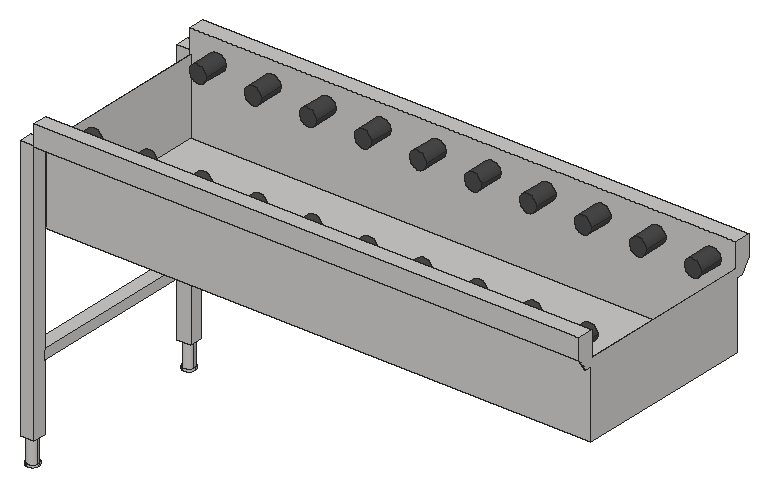
Revit family "QF_ELECTROLUXPROFESSIONAL_865212_HSSRDB16", category Specialty Equipment, Revit 2018
Family settings
  Round Connector Dimension = Use Diameter
  Part Type = Normal
  Work Plane-Based = No
  Always vertical = Yes
  Cut with Voids When Loaded = No
  Shared = No
  Room Calculation Point = No
Parameters
  Weight = 0.00 kg
  Watts = 0 W
  Volts = 0 V
  URL Manufacturer = "http://professional.electrolux.com/"
  URL = "http://professional.electrolux.com/"
  Steam Supply Size = 0 mm
  Steam Supply Minimum Pressure = 0.0 Pa
  Steam Supply Maximum Pressure = 0.0 Pa
  Steam Pounds per Hour = 0
  Refrigeration Suction Line Size = 0 mm
  Refrigeration Liquid Line Size = 0 mm
  Refrigerant Compressor Remote = yes
  Manufacturer = "Electrolux"
  Phase = 0
  Model = "HSSRDB16"
  Length Actual = 1600 mm  # constant formula
  Item Number = "865212"
  Hot Water Size = 0 mm
  Height Actual = 910 mm  # constant formula
  HP = "0 HP"
  Gas Size = 0 mm
  Gas KW = 0
  Gas Input Pressure = 0 W
  Description = "SHORT ROLLER CONVEYOR WITH DEEP BASIN, L=1600MM"
  Depth Actual = 620 mm  # constant formula
  Cycle = 0 Hz
  Condensate Return Size = 0 mm
  Compressed Air Volume = 0.0 L/s
  Compressed Air Size = 0 mm
  Compressed Air Pressure = 0.0 Pa
  Cold Water Size = 0 mm
  Accessory = yes
Reference planes
  plane 1 "Centro (Fronte/Retro)": y = 74.737
  plane 2: z = 0
  plane 3 "LEFT": x = -1038.761
  plane 4 "BACK": y = 384.737
  plane 5 "FRONT": y = -235.263
  plane 6: z = 910
  plane 7 "RIGHT": x = 561.239
Forms (mm)
  Extrusion 1, solid, material "QF_Finishes_Stainless Steel"
    sketch origin (0, 74.737, 0) x (1, 0, 0) y (0, 0, 1)
      loop
        line (-1079.929, 300) -> (-1079.929, 270) -> (-1039.929, 270) -> (-1039.929, 300) -> (-1079.929, 300)
    from -266.504 to 266.46
  Extrusion 2, solid, material "QF_Finishes_Stainless Steel"
    sketch origin (11.239, 0, 0) x (0, 1, 0) y (0, 0, 1)
      loop
        line (-235.263, 910) -> (-235.263, 850.033) -> (-190.242, 850.033) -> (-190.242, 910) -> (-235.263, 910)
      loop
        line (384.737, 910) -> (339.716, 910) -> (339.716, 850.033) -> (384.737, 850.033) -> (384.737, 910)
    from -1048.8 to 548.8
  Extrusion 3, solid, material "QF_Finishes_Stainless Steel"
    sketch origin (11.239, 0, 0) x (0, 1, 0) y (0, 0, 1)
      loop
        line (-191.727, 850.033) -> (-191.727, 618.033) -> (341.245, 618.033) -> (341.245, 850.033) -> (339.716, 850.033) -> (339.716, 621.033) -> (-190.242, 621.033) -> (-190.242, 850.033) -> (-191.727, 850.033)
    from -1048.8 to 548.8
  Extrusion 4, solid, material "QF_Finishes_Black"
    sketch origin (0, 74.737, 0) x (1, 0, 0) y (0, 0, 1)
      loop
        circle (-956.239, 850.115) r 25
      loop
        circle (-794.953, 850.115) r 25
      loop
        circle (-633.72, 850.115) r 25
      loop
        circle (-472.487, 850.115) r 25
      loop
        circle (-311.201, 850.115) r 25
      loop
        circle (-149.968, 850.115) r 25
      loop
        circle (11.239, 850.115) r 25
      loop
        circle (172.498, 850.115) r 25
      loop
        circle (333.732, 850.115) r 25
      loop
        circle (495.018, 850.115) r 25
    from 190.58 to 260.534
  Extrusion 5, solid, material "QF_Finishes_Black"
    sketch origin (0, 74.737, 0) x (1, 0, 0) y (0, 0, -1)
      loop
        circle (-956.239, -850.115) r 25
      loop
        circle (-794.953, -850.115) r 25
      loop
        circle (-633.72, -850.115) r 25
      loop
        circle (-472.487, -850.115) r 25
      loop
        circle (-311.201, -850.115) r 25
      loop
        circle (-149.968, -850.115) r 25
      loop
        circle (11.239, -850.115) r 25
      loop
        circle (172.498, -850.115) r 25
      loop
        circle (333.732, -850.115) r 25
      loop
        circle (495.018, -850.115) r 25
    from 190.58 to 260.534
  Extrusion 6, solid, material "QF_Finishes_Stainless Steel"
    sketch origin (1061.239, 723.253, 4000) x (0, 1, 0) y (0, 0, 1)
      loop
        line (-958.516, -3090) -> (-958.516, -3149.967) -> (-934.752, -3185.632) -> (-914.981, -3185.632) -> (-914.981, -3381.967) -> (-382.009, -3381.967) -> (-382.009, -3185.632) -> (-362.281, -3185.632) -> (-338.516, -3149.967) -> (-338.516, -3090) -> (-383.538, -3090) -> (-383.538, -3161.926) -> (-913.495, -3161.926) -> (-913.495, -3090) -> (-958.516, -3090)
    from -500 to -501.2
  Revolve 7, solid, material "QF_Finishes_Stainless Steel"
    sketch origin (-238.761, 0, 0) x (0, 1, 0) y (0, 0, 1)
      loop
        line (74.737, 618.033) -> (-1.756, 618.033) -> (-1.756, 601.823) -> (0.354, 601.823)
        arc (0.354, 601.823) -> (3.64, 597.973) -> (0.351, 594.125) r 3.897
        line (0.351, 594.125) -> (-1.756, 594.125) -> (-1.756, 551.31)
        arc (-1.756, 551.31) -> (8.91, 520.632) -> (36.296, 503.17) r 49.497
        line (36.296, 503.17) -> (36.296, 500.684) -> (37.487, 497.398) -> (51.25, 491.407) -> (51.25, 455.535) -> (52.727, 454.059) -> (74.737, 454.059) -> (74.737, 618.033)
      axis (74.737, 454.059) -> (74.737, 618.033)
    angle from 0 to 360
  Extrusion 8, solid, material "QF_Finishes_Stainless Steel"
    sketch origin (-537.561, 723.253, 4000) x (0, 1, 0) y (0, 0, 1)
      loop
        line (-958.516, -3090) -> (-958.516, -3149.967) -> (-914.981, -3149.967) -> (-914.981, -3381.967) -> (-382.009, -3381.967) -> (-382.009, -3149.967) -> (-338.516, -3149.967) -> (-338.516, -3090) -> (-383.538, -3090) -> (-383.538, -3161.926) -> (-913.495, -3161.926) -> (-913.495, -3090) -> (-958.516, -3090)
    from -500 to -501.2
Cuts and joins
  joined: Extrusion 2, Extrusion 3, Extrusion 6, Revolve 7, Extrusion 8
Lines and regions (mm)
  Split face 1
    outline origin (808.239, 339.716, 621.033) x (-1, 0, 0) y (0, -1, 0)
      loop
        circle (1047, 264.904) r 3.016
  Split face 2
    outline origin (808.239, 339.716, 621.033) x (-1, 0, 0) y (0, -1, 0)
      loop
        circle (1047, 264.904) r 52.991
  Split face 3
    outline origin (808.239, 339.716, 621.033) x (-1, 0, 0) y (0, -1, 0)
      loop
        circle (1047, 264.904) r 36.015
  Split face 4
    outline origin (808.239, 339.716, 621.033) x (-1, 0, 0) y (0, -1, 0)
      loop
        circle (1047, 264.904) r 26.027
  Split face 5
    outline origin (808.239, 339.716, 621.033) x (-1, 0, 0) y (0, -1, 0)
      loop
        circle (1047, 264.904) r 9.056
  Masking region 1
    outline origin (0, 0, 0) x (1, 0, 0) y (0, 1, 0)
      loop
        line (-1038.761, 384.737) -> (-1038.761, -235.263) -> (561.239, -235.263) -> (561.239, 384.737) -> (-1038.761, 384.737)
  symbolic lines
    curve 1: line (561.239, 384.737, 0) -> (-1038.761, 384.737, 0)
    curve 2: line (-1038.761, 384.737, 0) -> (-1038.761, -235.263, 0)
    curve 3: line (-1038.761, 339.716, 0) -> (561.239, 339.716, 0)
    curve 4: line (-1038.761, -235.263, 0) -> (561.239, -235.263, 0)
    curve 5: line (561.239, -235.263, 0) -> (561.239, 384.737, 0)
    curve 6: line (561.239, -190.242, 0) -> (-1038.761, -190.242, 0)
    curve 7: line (-931.239, 335.271, 0) -> (-981.239, 335.271, 0)
    curve 8: line (-981.239, 335.271, 0) -> (-981.239, 265.317, 0)
    curve 9: line (-981.239, 265.317, 0) -> (-931.239, 265.317, 0)
    curve 10: line (-931.239, 265.317, 0) -> (-931.239, 335.271, 0)
    curve 11: line (-769.953, 335.271, 0) -> (-819.953, 335.271, 0)
    curve 12: line (-819.953, 335.271, 0) -> (-819.953, 265.317, 0)
    curve 13: line (-819.953, 265.317, 0) -> (-769.953, 265.317, 0)
    curve 14: line (-769.953, 265.317, 0) -> (-769.953, 335.271, 0)
    curve 15: line (-608.72, 335.271, 0) -> (-658.72, 335.271, 0)
    curve 16: line (-658.72, 335.271, 0) -> (-658.72, 265.317, 0)
    curve 17: line (-658.72, 265.317, 0) -> (-608.72, 265.317, 0)
    curve 18: line (-608.72, 265.317, 0) -> (-608.72, 335.271, 0)
    curve 19: line (-447.487, 335.271, 0) -> (-497.487, 335.271, 0)
    curve 20: line (-497.487, 335.271, 0) -> (-497.487, 265.317, 0)
    curve 21: line (-497.487, 265.317, 0) -> (-447.487, 265.317, 0)
    curve 22: line (-447.487, 265.317, 0) -> (-447.487, 335.271, 0)
    curve 23: line (-286.201, 335.271, 0) -> (-336.201, 335.271, 0)
    curve 24: line (-336.201, 335.271, 0) -> (-336.201, 265.317, 0)
    curve 25: line (-336.201, 265.317, 0) -> (-286.201, 265.317, 0)
    curve 26: line (-286.201, 265.317, 0) -> (-286.201, 335.271, 0)
    curve 27: line (-174.968, 335.271, 0) -> (-124.968, 335.271, 0)
    curve 28: line (-124.968, 335.271, 0) -> (-124.968, 265.317, 0)
    curve 29: line (-124.968, 265.317, 0) -> (-174.968, 265.317, 0)
    curve 30: line (-174.968, 265.317, 0) -> (-174.968, 335.271, 0)
    curve 31: line (36.239, 335.271, 0) -> (-13.761, 335.271, 0)
    curve 32: line (-13.761, 335.271, 0) -> (-13.761, 265.317, 0)
    curve 33: line (-13.761, 265.317, 0) -> (36.239, 265.317, 0)
    curve 34: line (36.239, 265.317, 0) -> (36.239, 335.271, 0)
    curve 35: line (-931.239, -115.842, 0) -> (-981.239, -115.842, 0)
    curve 36: line (-981.239, -115.842, 0) -> (-981.239, -185.797, 0)
    curve 37: line (-981.239, -185.797, 0) -> (-931.239, -185.797, 0)
    curve 38: line (-931.239, -185.797, 0) -> (-931.239, -115.842, 0)
    curve 39: line (-819.953, -115.842, 0) -> (-769.953, -115.842, 0)
    curve 40: line (-769.953, -115.842, 0) -> (-769.953, -185.797, 0)
    curve 41: line (-769.953, -185.797, 0) -> (-819.953, -185.797, 0)
    curve 42: line (-819.953, -185.797, 0) -> (-819.953, -115.842, 0)
    curve 43: line (-608.72, -115.842, 0) -> (-658.72, -115.842, 0)
    curve 44: line (-658.72, -115.842, 0) -> (-658.72, -185.797, 0)
    curve 45: line (-658.72, -185.797, 0) -> (-608.72, -185.797, 0)
    curve 46: line (-608.72, -185.797, 0) -> (-608.72, -115.842, 0)
    curve 47: line (-447.487, -115.842, 0) -> (-497.487, -115.842, 0)
    curve 48: line (-497.487, -115.842, 0) -> (-497.487, -185.797, 0)
    curve 49: line (-497.487, -185.797, 0) -> (-447.487, -185.797, 0)
    curve 50: line (-447.487, -185.797, 0) -> (-447.487, -115.842, 0)
    curve 51: line (-286.201, -115.842, 0) -> (-336.201, -115.842, 0)
    curve 52: line (-336.201, -115.842, 0) -> (-336.201, -185.797, 0)
    curve 53: line (-336.201, -185.797, 0) -> (-286.201, -185.797, 0)
    curve 54: line (-286.201, -185.797, 0) -> (-286.201, -115.842, 0)
    curve 55: line (-124.968, -115.842, 0) -> (-174.968, -115.842, 0)
    curve 56: line (-174.968, -115.842, 0) -> (-174.968, -185.797, 0)
    curve 57: line (-174.968, -185.797, 0) -> (-124.968, -185.797, 0)
    curve 58: line (-124.968, -185.797, 0) -> (-124.968, -115.842, 0)
    curve 59: line (36.239, -115.842, 0) -> (-13.761, -115.842, 0)
    curve 60: line (-13.761, -115.842, 0) -> (-13.761, -185.797, 0)
    curve 61: line (-13.761, -185.797, 0) -> (36.239, -185.797, 0)
    curve 62: line (36.239, -185.797, 0) -> (36.239, -115.842, 0)
    curve 63: line (197.498, -115.842, 0) -> (147.498, -115.842, 0)
    curve 64: line (147.498, -115.842, 0) -> (147.498, -185.797, 0)
    curve 65: line (147.498, -185.797, 0) -> (197.498, -185.797, 0)
    curve 66: line (197.498, -185.797, 0) -> (197.498, -115.842, 0)
    curve 67: line (358.732, -115.842, 0) -> (308.732, -115.842, 0)
    curve 68: line (308.732, -115.842, 0) -> (308.732, -185.797, 0)
    curve 69: line (308.732, -185.797, 0) -> (358.732, -185.797, 0)
    curve 70: line (358.732, -185.797, 0) -> (358.732, -115.842, 0)
    curve 71: line (520.018, -115.842, 0) -> (470.018, -115.842, 0)
    curve 72: line (470.018, -115.842, 0) -> (470.018, -185.797, 0)
    curve 73: line (470.018, -185.797, 0) -> (520.018, -185.797, 0)
    curve 74: line (520.018, -185.797, 0) -> (520.018, -115.842, 0)
    curve 75: line (147.498, 265.317, 0) -> (197.498, 265.317, 0)
    curve 76: line (197.498, 265.317, 0) -> (197.498, 335.271, 0)
    curve 77: line (197.498, 335.271, 0) -> (147.498, 335.271, 0)
    curve 78: line (147.498, 335.271, 0) -> (147.498, 265.317, 0)
    curve 79: line (358.732, 265.317, 0) -> (308.732, 265.317, 0)
    curve 80: line (308.732, 265.317, 0) -> (308.732, 335.271, 0)
    curve 81: line (308.732, 335.271, 0) -> (358.732, 335.271, 0)
    curve 82: line (358.732, 335.271, 0) -> (358.732, 265.317, 0)
    curve 83: line (470.018, 265.317, 0) -> (520.018, 265.317, 0)
    curve 84: line (520.018, 265.317, 0) -> (520.018, 335.271, 0)
    curve 85: line (520.018, 335.271, 0) -> (470.018, 335.271, 0)
    curve 86: line (470.018, 335.271, 0) -> (470.018, 265.317, 0)
    curve 87: line (561.239, 74.737, 0) -> (531.239, 74.737, 0)
    curve 88: arc (-238.761, -1.756, 0) -> (-315.254, 74.737, 0) -> (-238.761, 151.231, 0) r 76.494
    curve 89: arc (-238.761, 151.231, 0) -> (-162.267, 74.737, 0) -> (-238.761, -1.756, 0) r 76.494
    curve 90: arc (-238.761, 96.747, 0) -> (-260.771, 74.737, 0) -> (-238.761, 52.727, 0) r 22.01
    curve 91: arc (-238.761, 52.727, 0) -> (-216.751, 74.737, 0) -> (-238.761, 96.747, 0) r 22.01
Dimensions and locks
  plane 3 "LEFT" to plane 7 "RIGHT" = 1600 mm
  equal spacing: plane 4 "BACK", plane 1 "Centro (Fronte/Retro)", plane 5 "FRONT"
  plane 4 "BACK" to plane 5 "FRONT" = 620 mm
  aligned and locked: level to plane 2
Automatic sketch dimensions
  Extrusion 1 sketch curve to plane 3 "LEFT" = 41.168 mm
  Extrusion 1 sketch curve to plane 3 "LEFT" = 1.168 mm
  level to Extrusion 1 sketch curve = 270 mm
  Extrusion 1 sketch curve to Extrusion 1 sketch curve = 30 mm
  Extrusion 2 sketch curve to plane 5 "FRONT" = 0 mm
  Extrusion 2 sketch curve to plane 6 = 0 mm  (x2)
  Extrusion 2 sketch curve to plane 4 "BACK" = 0 mm
  plane 5 "FRONT" to Extrusion 2 sketch curve = 45.021 mm
  Extrusion 2 sketch curve to plane 4 "BACK" = 45.021 mm
  Extrusion 2 sketch curve to Extrusion 2 sketch curve = 59.967 mm  (x2)
  plane 5 "FRONT" to Extrusion 3 sketch curve = 43.536 mm
  Extrusion 3 sketch curve to Extrusion 3 sketch curve = 1.486 mm
  Extrusion 3 sketch curve to plane 4 "BACK" = 45.021 mm
  Extrusion 3 sketch curve to Extrusion 3 sketch curve = 1.529 mm
  Extrusion 3 sketch curve to plane 6 = 291.967 mm
  Extrusion 3 sketch curve to Extrusion 3 sketch curve = 3 mm
  Extrusion 3 sketch curve to plane 6 = 59.967 mm  (x2)
  plane 3 "LEFT" to Extrusion 4 sketch curve = 82.521 mm
  Extrusion 4 sketch curve to plane 6 = 59.885 mm  (x10)
  Extrusion 4 sketch curve to Extrusion 4 sketch curve = 161.286 mm  (x2)
  Extrusion 4 sketch curve to Extrusion 4 sketch curve = 161.233 mm  (x4)
  Extrusion 4 sketch curve to Extrusion 4 sketch curve = 161.207 mm
  Extrusion 4 sketch curve to Extrusion 4 sketch curve = 161.259 mm
  Extrusion 4 sketch curve to plane 7 "RIGHT" = 66.221 mm
  plane 3 "LEFT" to Extrusion 5 sketch curve = 82.521 mm
  Extrusion 5 sketch curve to plane 6 = 59.885 mm  (x10)
  Extrusion 5 sketch curve to Extrusion 5 sketch curve = 161.286 mm  (x2)
  Extrusion 5 sketch curve to Extrusion 5 sketch curve = 161.233 mm  (x4)
  Extrusion 5 sketch curve to Extrusion 5 sketch curve = 161.207 mm
  Extrusion 5 sketch curve to Extrusion 5 sketch curve = 161.259 mm
  Extrusion 5 sketch curve to plane 7 "RIGHT" = 66.221 mm
  Extrusion 6 sketch curve to plane 5 "FRONT" = 0 mm
  Extrusion 6 sketch curve to plane 6 = 0 mm  (x2)
  Extrusion 6 sketch curve to plane 4 "BACK" = 0 mm
  plane 5 "FRONT" to Extrusion 6 sketch curve = 23.764 mm
  plane 5 "FRONT" to Extrusion 6 sketch curve = 43.536 mm
  plane 5 "FRONT" to Extrusion 6 sketch curve = 45.021 mm
  Extrusion 6 sketch curve to plane 4 "BACK" = 45.021 mm
  Extrusion 6 sketch curve to plane 4 "BACK" = 43.492 mm
  Extrusion 6 sketch curve to Extrusion 6 sketch curve = 19.728 mm
  Extrusion 6 sketch curve to Extrusion 6 sketch curve = 59.967 mm  (x2)
  Extrusion 6 sketch curve to Extrusion 6 sketch curve = 11.959 mm
  Extrusion 6 sketch curve to Extrusion 6 sketch curve = 23.706 mm  (x2)
  Extrusion 6 sketch curve to Extrusion 6 sketch curve = 196.335 mm
  Revolve 7 sketch curve to plane 1 "Centro (Fronte/Retro)" = 0 mm  (x2)
  plane 1 "Centro (Fronte/Retro)" to Revolve 7 sketch curve = 22.01 mm
  plane 1 "Centro (Fronte/Retro)" to Revolve 7 sketch curve = 23.487 mm
  plane 1 "Centro (Fronte/Retro)" to Revolve 7 sketch curve = 26.996 mm
  Revolve 7 sketch curve to Revolve 7 sketch curve = 13.764 mm
  Revolve 7 sketch curve to Revolve 7 sketch curve = 1.191 mm
  Revolve 7 sketch curve to Revolve 7 sketch curve = 47.387 mm
  Revolve 7 sketch curve to Revolve 7 sketch curve = 0.003 mm
  Revolve 7 sketch curve to Revolve 7 sketch curve = 0.61 mm
  Revolve 7 sketch curve to Revolve 7 sketch curve = 2.107 mm
  Revolve 7 sketch curve to Revolve 7 sketch curve = 2.11 mm
  level to Revolve 7 sketch curve = 454.059 mm
  Revolve 7 sketch curve to Revolve 7 sketch curve = 1.476 mm
  Revolve 7 sketch curve to Revolve 7 sketch curve = 35.872 mm
  Revolve 7 sketch curve to Revolve 7 sketch curve = 5.991 mm
  Revolve 7 sketch curve to Revolve 7 sketch curve = 3.286 mm
  Revolve 7 sketch curve to Revolve 7 sketch curve = 2.486 mm
  Revolve 7 sketch curve to Revolve 7 sketch curve = 48.139 mm
  Revolve 7 sketch curve to Revolve 7 sketch curve = 42.815 mm
  Revolve 7 sketch curve to Revolve 7 sketch curve = 3.849 mm
  Revolve 7 sketch curve to Revolve 7 sketch curve = 66.706 mm
  Revolve 7 sketch curve to Revolve 7 sketch curve = 3 mm
  Revolve 7 sketch curve to Revolve 7 sketch curve = 14.991 mm
  cut or joined group of Extrusion 2, Extrusion 3, Extrusion 6, Revolve 7, Extrusion 8 to Split face 1 sketch curve = 264.904 mm
  cut or joined group of Extrusion 2, Extrusion 3, Extrusion 6, Revolve 7, Extrusion 8 to Split face 1 sketch curve = 798.8 mm
  cut or joined group of Extrusion 2, Extrusion 3, Extrusion 6, Revolve 7, Extrusion 8 to Split face 2 sketch curve = 264.904 mm
  cut or joined group of Extrusion 2, Extrusion 3, Extrusion 6, Revolve 7, Extrusion 8 to Split face 2 sketch curve = 798.8 mm
  cut or joined group of Extrusion 2, Extrusion 3, Extrusion 6, Revolve 7, Extrusion 8 to Split face 3 sketch curve = 264.904 mm
  cut or joined group of Extrusion 2, Extrusion 3, Extrusion 6, Revolve 7, Extrusion 8 to Split face 3 sketch curve = 798.8 mm
  cut or joined group of Extrusion 2, Extrusion 3, Extrusion 6, Revolve 7, Extrusion 8 to Split face 4 sketch curve = 264.904 mm
  cut or joined group of Extrusion 2, Extrusion 3, Extrusion 6, Revolve 7, Extrusion 8 to Split face 4 sketch curve = 798.8 mm
  cut or joined group of Extrusion 2, Extrusion 3, Extrusion 6, Revolve 7, Extrusion 8 to Split face 5 sketch curve = 264.904 mm
  cut or joined group of Extrusion 2, Extrusion 3, Extrusion 6, Revolve 7, Extrusion 8 to Split face 5 sketch curve = 798.8 mm
  Masking region 1 sketch curve to plane 3 "LEFT" = 0 mm
  Masking region 1 sketch curve to plane 5 "FRONT" = 0 mm
  Masking region 1 sketch curve to plane 7 "RIGHT" = 0 mm
  Masking region 1 sketch curve to plane 4 "BACK" = 0 mm
  Extrusion 8 sketch curve to plane 6 = 0 mm  (x2)
  Extrusion 8 sketch curve to plane 4 "BACK" = 0 mm
  plane 5 "FRONT" to Extrusion 8 sketch curve = 43.536 mm
  Extrusion 8 sketch curve to plane 4 "BACK" = 43.492 mm
  Extrusion 8 sketch curve to Extrusion 8 sketch curve = 59.967 mm
  Extrusion 8 sketch curve to Extrusion 8 sketch curve = 11.959 mm  (x2)
  Extrusion 8 sketch curve to Extrusion 8 sketch curve = 1.529 mm
  Extrusion 8 sketch curve to Extrusion 8 sketch curve = 1.486 mm
  Extrusion 8 sketch curve to Extrusion 8 sketch curve = 220.041 mm
  Extrusion 8 sketch curve to plane 5 "FRONT" = 0 mm
  curve 1 to plane 3 "LEFT" = 0 mm
  plane 1 "Centro (Fronte/Retro)" to curve 87 = 0 mm
  curve 87 to plane 7 "RIGHT" = 0 mm
  curve 4 to plane 5 "FRONT" = 0 mm
  curve 5 to plane 4 "BACK" = 0 mm
  plane 3 "LEFT" to curve 36 = 57.521 mm
  plane 3 "LEFT" to curve 9 = 57.521 mm
  curve 8 to curve 9 = 50 mm
  curve 36 to curve 38 = 50 mm
  curve 9 to curve 13 = 111.286 mm
  curve 35 to curve 42 = 111.286 mm
  curve 41 to curve 40 = 50 mm
  curve 12 to curve 13 = 50 mm
  curve 13 to curve 16 = 111.233 mm
  curve 39 to curve 43 = 111.233 mm
  curve 15 to curve 15 = 50 mm
  curve 44 to curve 45 = 50 mm
  curve 43 to curve 47 = 111.233 mm
  curve 17 to curve 20 = 111.233 mm
  curve 48 to curve 50 = 50 mm
  curve 19 to curve 22 = 50 mm
  curve 47 to curve 51 = 111.286 mm
  curve 21 to curve 24 = 111.286 mm
  curve 24 to curve 26 = 50 mm
  curve 52 to curve 54 = 50 mm
  curve 25 to curve 29 = 111.233 mm
  curve 51 to curve 55 = 111.233 mm
  curve 29 to curve 28 = 50 mm
  curve 55 to curve 55 = 50 mm
  curve 32 to plane 4 "BACK" = 49.466 mm
  curve 27 to curve 32 = 111.207 mm
  curve 55 to curve 59 = 111.207 mm
  curve 59 to curve 62 = 50 mm
  curve 31 to curve 34 = 50 mm
  curve 33 to curve 78 = 111.259 mm
  plane 5 "FRONT" to curve 65 = 49.466 mm
  curve 61 to curve 65 = 111.259 mm
  curve 63 to curve 66 = 50 mm
  curve 77 to curve 77 = 50 mm
  curve 80 to plane 4 "BACK" = 49.466 mm
  curve 76 to curve 80 = 111.233 mm
  curve 63 to curve 67 = 111.233 mm
  curve 68 to curve 69 = 50 mm
  curve 79 to curve 79 = 50 mm
  curve 86 to plane 7 "RIGHT" = 91.221 mm
  curve 71 to plane 7 "RIGHT" = 91.221 mm
  curve 84 to plane 7 "RIGHT" = 41.221 mm
  curve 71 to plane 7 "RIGHT" = 41.221 mm
  plane 5 "FRONT" to curve 58 = 49.466 mm
  plane 5 "FRONT" to curve 49 = 49.466 mm
  plane 5 "FRONT" to curve 74 = 49.466 mm
  plane 5 "FRONT" to curve 46 = 49.466 mm
  plane 5 "FRONT" to curve 70 = 49.466 mm
  plane 5 "FRONT" to curve 42 = 49.466 mm
  plane 5 "FRONT" to curve 38 = 49.466 mm
  plane 5 "FRONT" to curve 62 = 49.466 mm
  plane 5 "FRONT" to curve 52 = 49.466 mm
  curve 56 to curve 55 = 69.954 mm
  curve 53 to curve 54 = 69.954 mm
  curve 60 to curve 59 = 69.954 mm
  curve 49 to curve 50 = 69.954 mm
  curve 36 to curve 35 = 69.954 mm
  curve 65 to curve 63 = 69.954 mm
  curve 41 to curve 39 = 69.954 mm
  curve 69 to curve 67 = 69.954 mm
  curve 45 to curve 43 = 69.954 mm
  curve 73 to curve 71 = 69.954 mm
  curve 14 to plane 4 "BACK" = 119.42 mm
  curve 33 to curve 31 = 69.954 mm
  curve 21 to plane 4 "BACK" = 119.42 mm
  curve 10 to curve 12 = 0 mm
  curve 13 to curve 16 = 0 mm
  curve 79 to curve 81 = 69.954 mm
  curve 75 to curve 79 = 0 mm
  curve 21 to curve 25 = 0 mm
  curve 79 to curve 83 = 0 mm
  curve 25 to curve 30 = 0 mm
  curve 7 to plane 4 "BACK" = 49.466 mm
  curve 11 to plane 4 "BACK" = 49.466 mm
  curve 15 to plane 4 "BACK" = 49.466 mm
  curve 19 to plane 4 "BACK" = 49.466 mm
  curve 23 to plane 4 "BACK" = 49.466 mm
  curve 76 to plane 4 "BACK" = 49.466 mm
  curve 30 to plane 4 "BACK" = 49.466 mm
  curve 84 to plane 4 "BACK" = 49.466 mm
  curve 87 to plane 7 "RIGHT" = 30 mm
  plane 1 "Centro (Fronte/Retro)" to curve 89 = 0 mm
  curve 25 to curve 89 = 47.44 mm
  plane 1 "Centro (Fronte/Retro)" to curve 88 = 76.494 mm
  curve 88 to curve 90 = 0 mm  (x2)
  plane 1 "Centro (Fronte/Retro)" to curve 90 = 22.01 mm
  curve 6 to curve 73 = 4.445 mm
  curve 84 to curve 3 = 4.445 mm
  radius of Extrusion 4 sketch curve = 25 mm  (x10)
  radius of Extrusion 5 sketch curve = 25 mm  (x10)
  radius of Split face 1 sketch curve = 3.016 mm
  radius of Split face 2 sketch curve = 52.991 mm
  radius of Split face 3 sketch curve = 36.015 mm
  radius of Split face 4 sketch curve = 26.027 mm
  radius of Split face 5 sketch curve = 9.056 mm
Nested families
  nested 1: "Foot_40x40" at (-1059.929, 361.245, 0), type "Foot_40x40"
    with A 850.033 mm
  nested 2: "Foot_40x40" at (-1059.929, -211.771, 0), type "Foot_40x40"
    with A 850.033 mm
Connectors
  piping at (-238.761, 74.737, 454.059), diameter 30
    settings: on cut or joined group of Extrusion 2, Extrusion 3, Extrusion 6, Revolve 7, Extrusion 8, index 1, connector inside diameter 609.6 mm, connector length 0 mm, flow factor 0, pipe flow 0.0 L/s, pressure drop 0.0 Pa, fitting loss kfactor 0, connector angle 0.00°, fixture units 0, engagement length 0 mm, angle of deflection 0.00°, flow configuration 1, flow direction 2, fitting loss method 0, system type 16, joint type 0, gender type 0, connector reference index -1, connector utility 0, adjustable connector no, is connector primary yes, connector description "Drain"
Definition of nested family "Foot_40x40"
  Parameters
    A [instance] = 850 mm
  Reference planes
    plane 1 "Centro (Fronte/Retro)": y = 0
    plane 2: z = 0
    plane 3 "Centro (Sinistra/Destra)": x = 0
    plane 4: z = 850
  Forms (mm)
    Extrusion 1, solid
      sketch origin (0, 0, 0) x (1, 0, 0) y (0, 1, 0)
        loop
          circle (0, 0) r 18
      from 0 to 5
    Extrusion 2, solid
      sketch origin (0, 0, 5) x (1, 0, 0) y (0, 1, 0)
        loop
          circle (0, 0) r 15
      from 0 to 70
    Extrusion 3, solid
      sketch origin (0, 0, 75) x (1, 0, 0) y (0, 1, 0)
        loop
          line (-20, 20) -> (-20, -20) -> (20, -20) -> (20, 20) -> (-20, 20)
      from 0 to 775
  Dimensions and locks
    "A": plane 4 to plane 2
    aligned and locked: level to plane 2
    aligned and locked: plane 4 to Extrusion 3
    aligned and locked: Extrusion 1 to level
  Automatic sketch dimensions
    plane 1 "Centro (Fronte/Retro)" to Extrusion 1 sketch curve = 0 mm
    Extrusion 1 sketch curve to plane 3 "Centro (Sinistra/Destra)" = 0 mm
    Extrusion 3 sketch curve to Extrusion 3 sketch curve = 40 mm  (x2)
    radius of Extrusion 1 sketch curve = 18 mm
    radius of Extrusion 2 sketch curve to Extrusion 1 = 3 mm
